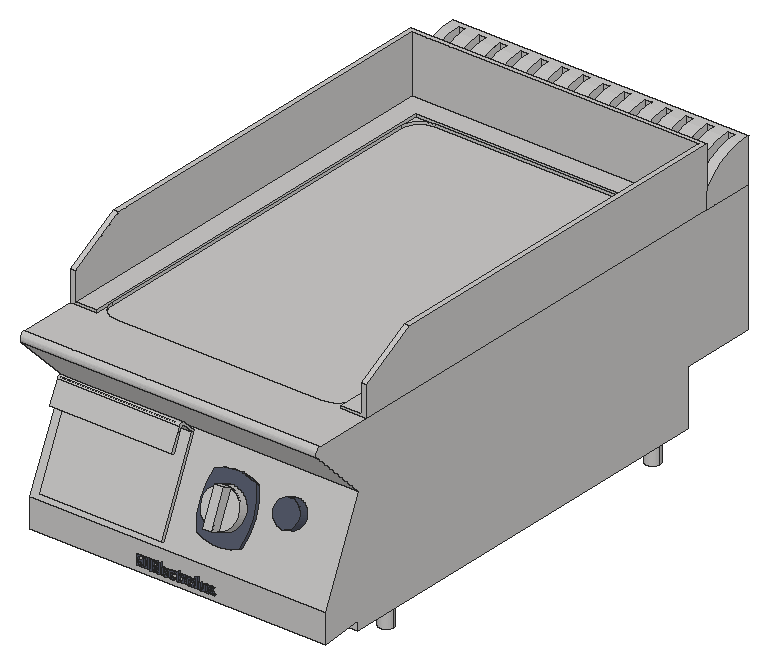
Revit family "QF_ELECTROLUXPROFESSIONAL_371037_E7FTGDCS00", category Specialty Equipment, Revit 2018 (continued)
Automatic sketch dimensions
  plane 11 to Sweep 24 sketch curve = 47 mm  (x2)
  Sweep 24 sketch curve to plane 10 "TOP A" = 0 mm
  profile plane to Sweep 24 sketch curve = 0 mm
  profile plane to Sweep 24 sketch curve = 28.675 mm
  Sweep 24 sketch curve to Sweep 24 sketch curve = 6.35 mm
  plane 10 "TOP A" to Sweep 24 sketch curve = 3.175 mm
  Extrusion 25 sketch curve to Sweep 24 = 0 mm  (x2)
  Extrusion 25 sketch curve to Extrusion 25 sketch curve = 73.03 mm
  Extrusion 25 sketch curve to Sweep 24 = 40.481 mm
  Sweep 24 to Extrusion 26 sketch curve = 0 mm
  Extrusion 26 sketch curve to Sweep 24 = 0 mm
  Extrusion 26 sketch curve to Extrusion 26 sketch curve = 73.03 mm
  Extrusion 26 sketch curve to Sweep 24 = 40.481 mm
  plane 11 to curve 8 = 21.6 mm
  curve 10 to curve 11 = 25.4 mm
  curve 17 to curve 77 = 0 mm
  curve 76 to curve 77 = 25.4 mm
  curve 15 to curve 15 = 25.4 mm
  plane 7 "Center Y" to Extrusion 27 sketch curve = 17.271 mm
  Extrusion 27 sketch curve to Extrusion 27 sketch curve = 0 mm
  Extrusion 27 sketch curve to Extrusion 27 sketch curve = 12.3 mm  (x3)
  Extrusion 27 sketch curve to Extrusion 27 sketch curve = 34.925 mm  (x2)
  Extrusion 27 sketch curve to plane 7 "Center Y" = 8.456 mm
  Extrusion 27 sketch curve to Extrusion 27 sketch curve = 46.691 mm
  plane 7 "Center Y" to Extrusion 27 sketch curve = 17.889 mm
  Extrusion 27 sketch curve to Extrusion 27 sketch curve = 25.114 mm
  Extrusion 29 sketch curve to Extrusion 29 sketch curve = 24.732 mm
  Extrusion 29 sketch curve to Extrusion 29 sketch curve = 0 mm
  Extrusion 30 sketch curve to Extrusion 1 = 86.903 mm
  Extrusion 1 to Extrusion 30 sketch curve = 72.975 mm
  curve 14 to plane 5 "FRONT" = 0 mm
  Extrusion 1 sketch curve to plane 10 "TOP A" = 0 mm
  Extrusion 1 sketch curve to plane 9 "BASE" = 0 mm
  Extrusion 1 sketch curve to plane 1 "BACK" = 0 mm
  Extrusion 1 sketch curve to plane 12 = 46.038 mm
  plane 11 to Extrusion 1 sketch curve = 59.531 mm
  plane 9 "BASE" to Extrusion 1 sketch curve = 12.7 mm
  plane 11 to Extrusion 1 sketch curve = 62.516 mm
  Extrusion 1 sketch curve to plane 5 "FRONT" = 16.478 mm
  Extrusion 1 sketch curve to plane 5 "FRONT" = 7.349 mm
  Extrusion 1 sketch curve to plane 5 "FRONT" = 2.163 mm
  plane 9 "BASE" to Extrusion 1 sketch curve = 7.09 mm
  Extrusion 1 sketch curve to Extrusion 1 sketch curve = 38.1 mm
  plane 9 "BASE" to Extrusion 1 sketch curve = 74.612 mm
  Extrusion 1 sketch curve to plane 10 "TOP A" = 83.191 mm
  Extrusion 1 sketch curve to plane 10 "TOP A" = 12.52 mm
  plane 5 "FRONT" to curve 78 = 0 mm
  plane 5 "FRONT" to curve 80 = 0 mm
  plane 3 "LEFT" to curve 78 = 12.7 mm
  curve 80 to plane 7 "Center Y" = 22.225 mm
  plane 5 "FRONT" to curve 78 = 52.387 mm
  radius of Extrusion 3 sketch curve = 9.525 mm  (x4)
  radius of Extrusion 5 sketch curve = 6.35 mm
  radius of Extrusion 28 sketch curve = 25.4 mm
  radius of Extrusion 29 sketch curve to Extrusion 28 = 0 mm  (x2)
  radius of Extrusion 30 sketch curve = 17.78 mm
Connectors
  piping at (347.663, -98.425, 57.718), diameter 12.7
    settings: on Extrusion 5, index 1, connector inside diameter 1/2", connector length 0 mm, flow factor 0, pipe flow 0 GPM, pressure drop 0.00 psi, fitting loss kfactor 0, connector angle 0.00°, fixture units 0, engagement length 0 mm, angle of deflection 0.00°, flow configuration 1, flow direction 1, fitting loss method 0, system type 7, joint type 0, gender type 0, connector reference index -1, connector utility 0, adjustable connector no, is connector primary yes, connector description "Gas Connection"
